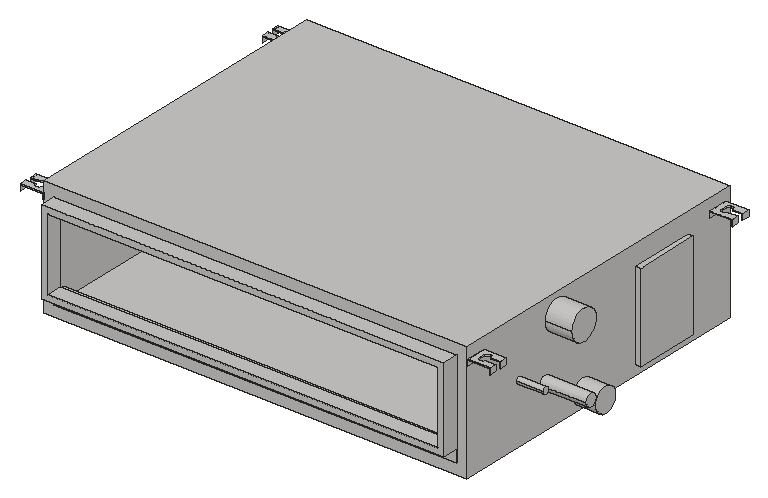
Revit family
Parameters (values of type "PEFY-P18NMAU-E")
  Wiring (Min.size of wire) = "1/8"  # constant formula
  Wiring (Amperage of wire breaker) = "15 A"  # constant formula
  Width = 35 7/16"
  Unit Weight (LBS) = "58"
  Unit = Metal - Steel Satin
  Temperature set range Remote controller Heating = "63 to 83 F"  # constant formula
  Temperature set range Remote controller Cooling = "67 to 86 F"  # constant formula
  Subcategory = "HVAC"  # constant formula
  Specification URL = ""
  Sound Pressure Levels (dB(A)) = "28,32,35"
  SmartBIM Object Version = 3  # constant formula
  SmartBIM Object Created By = "Reed Construction Data"  # constant formula
  Refrigerant control device = "LEV"  # constant formula
  Refrigerant Pipe Liquid = 1/4"
  Refrigerant Pipe Gas = 1/2"
  Refirigerant Pipe diameter (Liquid) = "1/4\""
  Refirigerant Pipe diameter (Gas) = "1/2\""
  Protection devices = "Fuse"  # constant formula
  Power input Heating = "0.09 kW"
  Power input Cooling = "0.11 kW"
  Power Source = "208/230, 1, 60"  # constant formula
  Moter Type = "DC blushless motor"  # constant formula
  Moter Output = "0.085 kW"
  Model = "PEFY-P18NMAU-E"
  Manufacturer URL = ""
  Manufacturer = "Mitsubishi Electric"  # constant formula
  Insulation material = "EPS, Polyethylene foam, Urethane foam"  # constant formula
  Installation URL = ""
  Height = 9 7/8"
  Heating Capacity (kcal/h) = "5,100"
  Heating Capacity (kW) = "5.9"
  Heating Capacity (BTU) = "20,000"
  Heat exchanger = "Cross fin(Aluminium fin and copper tube)"  # constant formula
  Fan Type x Quantity = "Sirocco fan x 1"
  E.S.P(mmH2O) = "3.6,5.1,7.1,10.2,15.3"  # constant formula
  E.S.P(Pa) = "35,50,70,100,150"  # constant formula
  E.S.P(In. W.G.) = "0.14,0.20,0.28,0.40,0.60"  # constant formula
  Driving mechanism = "Direct-driven by motor"  # constant formula
  Current Heating = "0.66 A"
  Current Cooling = "0.77 A"
  Cooling Capacity (kcal/h) = "4,600"
  Cooling Capacity (kW) = "5.3"
  Cooling Capacity (BTU) = "18,000"
  Connectable outdoor unit = "R410A,R22 CITY MULTI"  # constant formula
  Back Air Inlet = Grille
  Drain Pump = 1"
  Drain piping diameter = 1 1/4"
  Depth = 28 7/8"
  Back Air Inlet Height = Height - 7/8" * 2  # 8 1/8"
  Back Air Inlet Width = Width - 7/8" * 2  # 33 11/16"
  Assembly Code = "D3050200"
  Airflow rate(Low-Mid-High) (m3/min) = "12.0,14.5,17.0"
  Airflow rate(Low-Mid-High) (cfm) = "424,512,600"
  Airflow rate(Low-Mid-High) (L/s) = "200,242,283"
  Air Outlet Width = Width - 2 * 7/8"  # 33 11/16"
  Air Outlet Height = Back Air Inlet Height - 1 1/16"  # 7 1/16"
  Air Filter = "PP Honeycomb fabric"  # constant formula
  95 CSI = "15760"  # constant formula
  04 CSI = "23 82 19"  # constant formula
Types (12): name | Width | Unit Weight (LBS) | Sound Pressure Levels (dB(A)) | Refrigerant Pipe Liquid | Refrigerant Pipe Gas | Refirigerant Pipe diameter (Liquid) | Refirigerant Pipe diameter (Gas) | Power input Heating | Power input Cooling | Moter Output | Model | Heating Capacity (kcal/h) | Heating Capacity (kW) | Heating Capacity (BTU) | Fan Type x Quantity | Current Heating | Current Cooling | Cooling Capacity (kcal/h) | Cooling Capacity (kW) | Cooling Capacity (BTU) | Back Air Inlet Width | Airflow rate(Low-Mid-High) (m3/min) | Airflow rate(Low-Mid-High) (cfm) | Airflow rate(Low-Mid-High) (L/s) | Air Outlet Width
  (no name) | 35 7/16" | "58" | "28,32,35" | 1/4" | 1/2" | "1/4\"" | "1/2\"" | "0.09 kW" | "0.11 kW" | "0.085 kW" | "PEFY-P18NMAU-E" | "5,100" | "5.9" | "20,000" | "Sirocco fan x 1" | "0.66 A" | "0.77 A" | "4,600" | "5.3" | "18,000" | 33 11/16" | "12.0,14.5,17.0" | "424,512,600" | "200,242,283" | 33 11/16"
  PEFY-P06NMAU-E | 27 9/16" | "51" | "26,28,29" | 1/4" | 1/2" | "1/4\"" | "1/2\"" | "0.04 kW" | "0.06 kW" | "0.085 kW" | "PEFY-P06NMAU-E" | "1,700" | "2.0" | "6,700" | "Sirocco fan x 1" | "0.45 A" | "0.56 A" | "1,500" | "1.8" | "6,000" | 25 13/16" | "6.0,7.5,8.5" | "212,265,300" | "100,125,142" | 25 13/16"
  PEFY-P08NMAU-E | 27 9/16" | "51" | "26,28,29" | 1/4" | 1/2" | "1/4\"" | "1/2\"" | "0.04 kW" | "0.06 kW" | "0.085 kW" | "PEFY-P08NMAU-E" | "2,200" | "2.6" | "9,000" | "Sirocco fan x 1" | "0.45 A" | "0.56 A" | "2,000" | "2.3" | "8,000" | 25 13/16" | "6.0,7.5,8.5" | "212,265,300" | "100,125,142" | 25 13/16"
  PEFY-P12NMAU-E | 27 9/16" | "51" | "26,28,29" | 1/4" | 1/2" | "1/4\"" | "1/2\"" | "0.07 kW" | "0.09 kW" | "0.085 kW" | "PEFY-P12NMAU-E" | "3,400" | "4.0" | "13,500" | "Sirocco fan x 1" | "0.55 A" | "0.66 A" | "3,000" | "3.5" | "12,000" | 25 13/16" | "7.5,9.0,10.5" | "265,318,371" | "125,150,175" | 25 13/16"
  PEFY-P15NMAU-E | 35 7/16" | "58" | "28,30,34" | 1/4" | 1/2" | "1/4\"" | "1/2\"" | "0.07 kW" | "0.09 kW" | "0.085 kW" | "PEFY-P15NMAU-E" | "4,300" | "5.0" | "17,000" | "Sirocco fan x 1" | "0.56 A" | "0.67 A" | "3,800" | "4.4" | "15,000" | 33 11/16" | "10.0,12.0,14.0" | "353,424,494" | "167,200,233" | 33 11/16"
  PEFY-P18NMAU-E | 35 7/16" | "58" | "28,32,35" | 1/4" | 1/2" | "1/4\"" | "1/2\"" | "0.09 kW" | "0.11 kW" | "0.085 kW" | "PEFY-P18NMAU-E" | "5,100" | "5.9" | "20,000" | "Sirocco fan x 1" | "0.66 A" | "0.77 A" | "4,600" | "5.3" | "18,000" | 33 11/16" | "12.0,14.5,17.0" | "424,512,600" | "200,242,283" | 33 11/16"
  PEFY-P24NMAU-E | 43 5/16" | "71" | "29,32,36" | 3/8" | 5/8" | "3/8\"" | "5/8\"" | "0.10 kW" | "0.12 kW" | "0.121 kW" | "PEFY-P24NMAU-E" | "6,800" | "7.9" | "27,000" | "Sirocco fan x 2" | "0.93 A" | "1.04 A" | "6,000" | "7.0" | "24,000" | 41 9/16" | "13.5.0,16.0,19.0" | "477,565,671" | "225,267,317" | 41 9/16"
  PEFY-P27NMAU-E | 43 5/16" | "71" | "30,34,38" | 3/8" | 5/8" | "3/8\"" | "5/8\"" | "0.12 kW" | "0.14 kW" | "0.121 kW" | "PEFY-P27NMAU-E" | "7,600" | "8.8" | "30,000" | "Sirocco fan x 2" | "1.07 A" | "1.18 A" | "6,800" | "7.9" | "27,000" | 41 9/16" | "14.5,18.0,21.0" | "512,636,742" | "242,300,350" | 41 9/16"
  PEFY-P30NMAU-E | 43 5/16" | "71" | "30,34,38" | 3/8" | 5/8" | "3/8\"" | "5/8\"" | "0.12 kW" | "0.14 kW" | "0.121 kW" | "PEFY-P30NMAU-E" | "8,600" | "10.0" | "34,000" | "Sirocco fan x 2" | "1.07 A" | "1.18 A" | "7,600" | "8.8" | "30,000" | 41 9/16" | "14.5,18.0,21.0" | "512,636,742" | "242,300,350" | 41 9/16"
  PEFY-P36NMAU-E | 55 1/8" | "93" | "32,37,41" | 3/8" | 5/8" | "3/8\"" | "5/8\"" | "0.22 kW" | "0.24 kW" | "0.244 kW" | "PEFY-P36NMAU-E" | "10,100" | "11.7" | "40,000" | "Sirocco fan x 2" | "1.39 A" | "1.50 A" | "9,100" | "10.6" | "36,000" | 53 3/8" | "23.0,28.0,33.0" | "812,989,1165" | "383,467,550" | 53 3/8"
  PEFY-P48NMAU-E | 55 1/8" | "93" | "35,40,44" | 3/8" | 5/8" | "3/8\"" | "5/8\"" | "0.32 kW" | "0.34 kW" | "0.244 kW" | "PEFY-P48NMAU-E" | "13,600" | "15.8" | "54,000" | "Sirocco fan x 2" | "1.97 A" | "2.08 A" | "12,100" | "14.1" | "48,000" | 53 3/8" | "28.0,34.0,40.0" | "989,1201,1412" | "467,567,667" | 53 3/8"
  PEFY-P54NMAU-E | 63" | "102" | "36,41,45" | 3/8" | 5/8" | "3/8\"" | "5/8\"" | "0.34 kW" | "0.36 kW" | "0.244 kW" | "PEFY-P54NMAU-E" | "15,100" | "17.6" | "60,000" | "Sirocco fan x 2" | "2.13 A" | "2.24 A" | "13,600" | "15.8" | "54,000" | 61 1/4" | "29.5,35.5,42.0" | "1042,1254,1483" | "492,592,700" | 61 1/4"
Reference planes (in)
  plane 1 "Center (Front/Back)": y = 3.27848
  plane 2 "Ceiling": z = 96.5
  plane 3 "Center (Left/Right)": x = -3.43877
  plane 4: x = -21.15752
  plane 5: x = 14.27998
  plane 6: y = 17.71598
  plane 7: y = -11.15902
  plane 8: z = 97.3125
  plane 9: z = 107.1875
  plane 10: y = -9.84652
  plane 11: z = 106.3125
  plane 12: x = -20.28252
  plane 13: z = 98.1875
  plane 14: x = 13.40498
  plane 15: z = 99.25
  plane 16: y = -8.97152
  plane 17: x = -23.12603
  plane 18: x = 16.24848
  plane 19: y = 17.15348
  plane 20: y = 15.49994
  plane 21: y = -8.19298
  plane 22: y = 18.21598
  plane 23: y = -4.47152
  plane 24: y = -1.78402
  plane 25: z = 102.375
  plane 26: z = 101.0625
  plane 27: x = 16.59248
  plane 28: x = 18.21748
  plane 29: y = -0.47152
  plane 30: z = 105.5625
  plane 31: y = 2.21598
  plane 32: z = 98.625
Forms (in)
  Extrusion 1, solid, material "Metal - Steel Satin" <- "Unit"
    sketch origin (0, 3.27848, 0) x (1, 0, 0) y (0, 0, 1)
      loop
        line (-21.15752, 107.1875) -> (-21.15752, 97.3125) -> (14.27998, 97.3125) -> (14.27998, 107.1875) -> (-21.15752, 107.1875)
      loop
        line (-20.28252, 106.3125) -> (-20.28252, 98.1875) -> (13.40498, 98.1875) -> (13.40498, 106.3125) -> (-20.28252, 106.3125)
    from -14.4375 to 13.125
  Extrusion 2, solid, material "Metal - Steel Satin" <- "Unit"
    sketch origin (0, 3.27848, 0) x (1, 0, 0) y (0, 0, 1)
      loop
        line (-20.28252, 99.25) -> (13.40498, 99.25) -> (13.40498, 106.3125) -> (-20.28252, 106.3125) -> (-20.28252, 99.25)
      loop
        line (12.90498, 105.8125) -> (-19.78252, 105.8125) -> (-19.78252, 99.75) -> (12.90498, 99.75) -> (12.90498, 105.8125)
    from 13.125 to 14.4375
  Extrusion 3, solid, material "Metal - Steel Satin" <- "Unit"
    sketch origin (0, 3.27848, 0) x (1, 0, 0) y (0, 0, 1)
      loop
        line (-20.28252, 99.25) -> (-20.28252, 98.1875) -> (13.40498, 98.1875) -> (13.40498, 99.25) -> (-20.28252, 99.25)
    from 12.25 to 13.125
  Extrusion 4, solid, material "Grille" <- "Back Air Inlet"
    sketch origin (0, 3.27848, 0) x (1, 0, 0) y (0, 0, 1)
      loop
        line (-20.28252, 106.3125) -> (-20.28252, 98.1875) -> (13.40498, 98.1875) -> (13.40498, 106.3125) -> (-20.28252, 106.3125)
    from -14.9375 to -14.4375
  Extrusion 5, solid, material "Metal - Steel Satin" <- "Unit"
    sketch origin (-3.43877, 0, 0) x (0, 1, 0) y (0, 0, 1)
      loop
        circle (-4.47152, 102.375) r 0.25
    from 17.71875 to 20.03125
  Extrusion 6, solid, material "Metal - Steel Satin" <- "Unit"
    sketch origin (-3.43877, 0, 0) x (0, 1, 0) y (0, 0, 1)
      loop
        circle (-1.78402, 101.0625) r 0.5
    from 17.71875 to 21.65625
  Extrusion 7, solid, material "Metal - Steel Satin" <- "Unit"
    sketch origin (-3.43877, 0, 0) x (0, 1, 0) y (0, 0, 1)
      loop
        circle (-0.47152, 105.5625) r 1.25
    from 17.71875 to 20.03125
  Extrusion 8, solid, material "Metal - Steel Satin" <- "Unit"
    sketch origin (-3.43877, 0, 0) x (0, 1, 0) y (0, 0, 1)
      loop
        circle (2.21598, 98.625) r 1
    from 17.71875 to 19.68725
  Extrusion 9, solid, material "Metal - Steel Satin" <- "Unit"
    sketch origin (14.27998, 3.27848, 97.3125) x (0, 0, 1) y (0, -1, 0)
      loop
        line (8.25, -4.4375) -> (0.875, -4.4375) -> (0.875, -9.9375) -> (8.25, -9.9375) -> (8.25, -4.4375)
    from 0 to 0.5
Lines and regions (in)
  sketch lines
    curve 1: line (-63.43877, 63.27848, 0) -> (56.56123, 63.27848, 0)
    curve 2: line (-63.43877, 63.27848, 0) -> (-63.43877, -56.72152, 0)
    curve 3: line (-63.43877, -56.72152, 0) -> (56.56123, -56.72152, 0)
    curve 4: line (56.56123, 63.27848, 0) -> (56.56123, -56.72152, 0)
Dimensions and locks (in)
  equal spacing: curve 2, plane 3 "Center (Left/Right)", curve 4
  equal spacing: curve 3, plane 1 "Center (Front/Back)", curve 1
  curve 2 to curve 4 = 120"
  curve 3 to curve 1 = 120"
  equal spacing: plane 4, plane 3 "Center (Left/Right)", plane 5
  "Width": plane 4 to plane 5
  equal spacing: plane 6, plane 1 "Center (Front/Back)", plane 7
  "Depth": plane 6 to plane 7
  "Height": plane 9 to plane 8
  locked: plane 10 to plane 7 at 1.3125
  locked: plane 14 to plane 5 at 0.875
  locked: plane 4 to plane 12 at 0.875
  locked: plane 9 to plane 11 at 0.875
  locked: plane 13 to plane 8 at 0.875
  locked: plane 15 to plane 13 at 1.0625
  locked: Extrusion 1 to Extrusion 2 sketch curve at 0.5  (x3)
  locked: Extrusion 2 sketch curve to Extrusion 2 sketch curve at 0.5
  locked: plane 16 to plane 10 at 0.875
  locked: plane 17 to plane 4 at 1.9685
  locked: plane 5 to plane 18 at 1.9685
  locked: plane 6 to plane 19 at 0.5625
  locked: plane 19 to plane 20 at 1.65354
  locked: plane 21 to plane 10 at 1.65354
  "Back Air Inlet Width": Extrusion 1 to Extrusion 1
  locked: plane 22 to plane 6 at 0.5
  "Back Air Inlet Height": Extrusion 2 to Extrusion 3
  locked: plane 7 to plane 23 at 6.6875
  locked: plane 7 to plane 24 at 9.375
  locked: plane 9 to plane 25 at 4.8125
  locked: plane 9 to plane 26 at 6.125
  locked: plane 5 to plane 27 at 2.3125
  locked: plane 5 to plane 28 at 3.9375
  locked: plane 7 to plane 29 at 10.6875
  locked: plane 9 to plane 30 at 1.625
  locked: plane 10 to plane 31 at 12.0625
  locked: plane 9 to plane 32 at 8.5625
  "Air Outlet Width": Extrusion 2 to Extrusion 2
  locked: plane 8 to plane 2 "Ceiling" at 0.8125
  locked: Extrusion 9 sketch curve to plane 6 at 4.5
  locked: Extrusion 9 sketch curve to plane 6 at 10
  "Refrigerant Pipe Liquid": radius of Extrusion 5 sketch curve
  "Refrigerant Pipe Gas": radius of Extrusion 6 sketch curve
  "Drain piping diameter": radius of Extrusion 7 sketch curve
  "Drain Pump": radius of Extrusion 8 sketch curve
  aligned and locked: Extrusion 1 sketch curve to plane 9
  aligned and locked: Extrusion 1 sketch curve to plane 11
  aligned and locked: Extrusion 1 sketch curve to plane 4
  aligned and locked: Extrusion 1 sketch curve to plane 12
  aligned and locked: Extrusion 1 sketch curve to plane 8
  aligned and locked: Extrusion 1 sketch curve to plane 13
  aligned and locked: Extrusion 1 sketch curve to plane 5
  aligned and locked: Extrusion 1 sketch curve to plane 14
  aligned and locked: plane 6 to Extrusion 1
  aligned and locked: Extrusion 1 to plane 10
  aligned and locked: Extrusion 2 sketch curve to plane 12
  aligned and locked: Extrusion 2 sketch curve to plane 11
  aligned and locked: Extrusion 2 sketch curve to plane 15
  aligned and locked: plane 10 to Extrusion 2
  aligned and locked: Extrusion 2 to plane 7
  aligned and locked: Extrusion 3 sketch curve to plane 15
  aligned and locked: Extrusion 3 sketch curve to plane 12
  aligned and locked: Extrusion 3 sketch curve to plane 13
  aligned and locked: Extrusion 3 sketch curve to plane 14
  aligned and locked: Extrusion 3 to plane 10
  aligned and locked: plane 16 to Extrusion 3
  aligned and locked: nested 1 to plane 4
  aligned and locked: nested 1 to plane 10
  aligned and locked: plane 10 to nested 2
  aligned and locked: plane 19 to nested 4
  aligned and locked: nested 3 to plane 19
  aligned and locked: plane 20 to nested 4
  aligned and locked: plane 20 to nested 3
  aligned and locked: plane 21 to nested 1
  aligned and locked: nested 2 to plane 21
  aligned and locked: Extrusion 4 to plane 6
  aligned and locked: plane 22 to Extrusion 4
  aligned and locked: plane 23 to Extrusion 5 sketch curve
  aligned and locked: plane 25 to Extrusion 5 sketch curve
  aligned and locked: plane 5 to Extrusion 5
  aligned and locked: Extrusion 5 to plane 27
  aligned and locked: plane 24 to Extrusion 6 sketch curve
  aligned and locked: plane 26 to Extrusion 6 sketch curve
  aligned and locked: plane 5 to Extrusion 6
  aligned and locked: Extrusion 6 to plane 28
  aligned and locked: plane 30 to Extrusion 7 sketch curve
  aligned and locked: plane 29 to Extrusion 7 sketch curve
  aligned and locked: plane 5 to Extrusion 7
  aligned and locked: Extrusion 7 to plane 27
  aligned and locked: plane 31 to Extrusion 8 sketch curve
  aligned and locked: plane 32 to Extrusion 8 sketch curve
  aligned and locked: plane 5 to Extrusion 8
  aligned and locked: Extrusion 8 to plane 18
  aligned and locked: plane 4 to nested 3
  aligned and locked: nested 3 to plane 11
  aligned and locked: plane 11 to nested 1
  aligned and locked: nested 2 to plane 5
  aligned and locked: plane 5 to nested 4
  aligned and locked: nested 2 to plane 11
  aligned and locked: plane 11 to nested 4
  aligned and locked: plane 2 "Ceiling" to host ceiling
  aligned and locked: Extrusion 9 sketch curve to plane 30
  aligned and locked: plane 13 to Extrusion 9 sketch curve
Automatic sketch dimensions
  Extrusion 4 sketch curve to plane 11 = 0"
  Extrusion 4 sketch curve to plane 12 = 0"
  Extrusion 4 sketch curve to plane 15 = 1 1/16"
  Extrusion 4 sketch curve to plane 14 = 0"
  Extrusion 2 sketch curve to plane 14 = 0"
Nested families (in)
  nested 1: "Family6" at (-22.02367, -9.01975, 105.81091), type "Family6"
  nested 2: "Family6" at (15.14612, -9.01975, 105.81091) x (-1, 0, 0) z (0, 0, 1), type "Family6"
  nested 3: "Family6" at (-22.02367, 16.32671, 105.81091), type "Family6"
  nested 4: "Family6" at (15.14612, 16.32671, 105.81091) x (-1, 0, 0) z (0, 0, 1), type "Family6"
Connectors (in)
  hvac at (-3.43877, -11.15902, 102.78125), driven by "Air Outlet Height", driven by "Air Outlet Width"
    settings: on Extrusion 2, index 1
  hvac at (-3.43877, 18.21598, 102.25), driven by "Back Air Inlet Height", driven by "Back Air Inlet Width"
    settings: on Extrusion 4, index 2
  piping at (16.59248, -0.47152, 105.5625), driven by "Drain piping diameter"
    settings: on Extrusion 7, index 3
  piping at (18.21748, -1.78402, 101.0625), driven by "Refrigerant Pipe Gas"
    settings: on Extrusion 6, index 4
  piping at (16.59248, -4.47152, 102.375), driven by "Refrigerant Pipe Liquid"
    settings: on Extrusion 5, index 5
  piping at (16.24848, 2.21598, 98.625), driven by "Drain Pump"
    settings: on Extrusion 8, index 6
  electrical at (14.77998, 10.46598, 101.875)
    settings: on Extrusion 9, index 7
Definition of nested family "Family6"
  Parameters (values of type "Family6")
    Clamp = Galvanized Steel Plate
    Assembly Code = ""
  Reference planes (in)
    plane 1 "Center (Front/Back)": y = 0
    plane 2: z = 0
    plane 3 "Center (Left/Right)": x = 0
  Forms (in)
    Extrusion 1, solid, material "Galvanized Steel Plate" <- "Clamp"
      sketch origin (0, 0, 0) x (1, 0, 0) y (0, 1, 0)
        loop
          line (0.27559, 0.23622) -> (0.27559, -0.23622)
          arc (0.27559, -0.23622) -> (0, -0.51181) -> (-0.27559, -0.23622) r 0.27559
          line (-0.27559, -0.23622) -> (-1.10261, -0.23622) -> (-1.10261, -0.82677) -> (0.86614, -0.82677) -> (0.86614, 0.82677) -> (-1.10261, 0.82677) -> (-1.10261, 0.23622) -> (-0.27559, 0.23622)
          arc (-0.27559, 0.23622) -> (0, 0.51181) -> (0.27559, 0.23622) r 0.27559
      from 0.43909 to 0.50159
    Extrusion 2, solid, material "Galvanized Steel Plate" <- "Clamp"
      sketch origin (0, 0, 0) x (1, 0, 0) y (0, 1, 0)
        loop
          line (-1.04009, 0.82677) -> (-1.10261, 0.82677) -> (-1.10261, 0.23622) -> (-1.04009, 0.23622) -> (-1.04009, 0.82677)
        loop
          line (-1.10261, -0.82677) -> (-1.04009, -0.82677) -> (-1.04009, -0.23622) -> (-1.10261, -0.23622) -> (-1.10261, -0.82677)
        loop
          line (0.86614, -0.82677) -> (0.86614, 0.82677) -> (0.80362, 0.82677) -> (0.80362, -0.82677) -> (0.86614, -0.82677)
      from 0 to 0.50159
  Cuts and joins
    joined: Extrusion 1, Extrusion 2
  Dimensions and locks (in)
    Extrusion 1 sketch curve to plane 3 "Center (Left/Right)" to Extrusion 1 sketch curve = 1.10261", 0.86614" locked
    Extrusion 1 sketch curve to Extrusion 1 sketch curve to plane 1 "Center (Front/Back)" to Extrusion 1 sketch curve to Extrusion 1 sketch curve = 0.59055" locked, 0.23622" locked, 0.23622" locked, 0.59055" locked
    Extrusion 1 sketch curve to Extrusion 1 sketch curve = 0.82702"
    locked: Extrusion 1 sketch curve to Extrusion 1 sketch curve at 0.82702
    locked: Extrusion 1 sketch curve to plane 1 "Center (Front/Back)" at 0.51181
    locked: plane 1 "Center (Front/Back)" to Extrusion 1 sketch curve at 0.51181
    locked: Extrusion 1 to Extrusion 1 at 0.0625
    locked: cut or joined group of Extrusion 1, Extrusion 2 to cut or joined group of Extrusion 1, Extrusion 2 at 0.06252  (x2)
    aligned and locked: Extrusion 1 sketch curve to Extrusion 1 sketch curve
    aligned and locked: Extrusion 1 to Extrusion 2 sketch curve  (x2)
    aligned and locked: Extrusion 1 to Extrusion 2
    aligned and locked: Extrusion 2 to level
